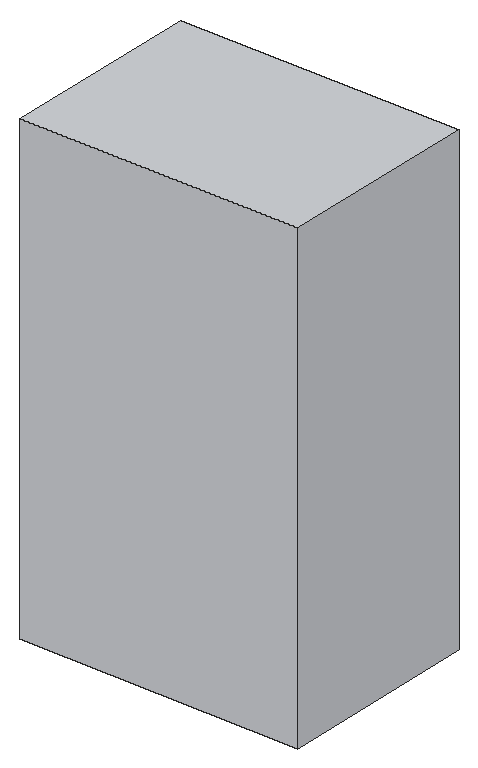
Revit family
Parameters
  Warranty Duration (Years) = 0
  Unit Width [instance] = 0' - 0"
  Unit Height [instance] = 0' - 0"
  Unit Depth = 0' - 0"
  URL = "http://www.americanspecialties.com/viewCategories.cfm"
  Test Data = ""
  Specification = "http://www.arcat.com/sdspecs/htm/10810asi.htm"
  SpecWizard = ""
  Send Message = "http://www.arcat.com/users.pl?action=UserEmail&company=American%20Specialties,%20Inc.&coid=30448&rep=139&fax=914-476-0688&mf="
  Sales Information = "http://www.americanspecialties.com/contact"
  Revision = "R1_10-2010"
  Product Properties = "http://www.americanspecialties.com/datasheets/045210A-6.pdf"
  Product Data = "http://www.arcat.com/arcatcos/cos30/arc30448.html"
  Trim Material = Metal - Stainless Steel
  Model = "As Specified in 10 28 13"
  Manufacturer Website = "http://www.americanspecialties.com/viewCategories.cfm"
  Manufacturer Phone - Toll Free = ""
  Manufacturer Phone = "914-476-9000 "
  Manufacturer Fax = "914-476-0688"
  Manufacturer Address = "441 Saw Mill River Rd., Yonkers, NY 10701"
  Manufacturer = "American Specialties, Inc."
  Maintenance Schedule (Months) = 0
  Keynote = "10 28 13"
  Installation-Fabrication = "http://www.americanspecialties.com/products.cfm"
  Green Building-LEED = ""
  Expected Lifespan (Years) = 0
  Drawn By = "Robert S. Weygant. CSI, CDT, SCIP"  # constant formula
  Description = "Toilet Accessory as Specified in 10 28 13"
  Default Elevation = 4' - 0"
  Copyright = "©Arcat Inc."
  Construction Details = "http://www.arcat.com/green/clients/leed_data_30448.html"
  Building Codes = "http://www.americanspecialties.com/products.cfm"
  Body Material = Metal - Stainless Steel
  Assembly Code = "C1030210"
Reference planes (in)
  plane 1 "Center (Front/Back)": y = -0.29112
  plane 2 "Floor Line": z = 0
  plane 3 "Center (Left/Right)": x = -0.65843
  plane 4: y = 13.70888
  plane 5: y = -14.29112
  plane 6: x = -9.28343
  plane 7: x = 7.96657
  plane 8: z = 6.25
  plane 9: z = 0
  plane 10: y = -0.29112
  plane 11: z = 6
  plane 12: z = -4
Forms (in)
  Extrusion 1, solid
    sketch origin (-3.62887, -9, -6) x (0, 0, -1) y (1, 0, 0)
      loop
        line (-82, 26) -> (-82, -19.34712) -> (-6, -19.34712) -> (-6, 26) -> (-82, 26)
    from 8.29112 to -24.38084
  Extrusion 2, solid, material "Metal - Stainless Steel" <- "Body Material"
    sketch origin (0, 0, 6) x (1, 0, 0) y (0, 1, 0)
      loop
        line (-9.28343, 13.70888) -> (-9.28343, -14.29112) -> (7.96657, -14.29112) -> (7.96657, 13.70888) -> (-9.28343, 13.70888)
      loop
        line (-8.28343, -13.29112) -> (6.96657, -13.29112) -> (6.96657, 12.70888) -> (-8.28343, 12.70888) -> (-8.28343, -13.29112)
    from 0 to 0.25
  Extrusion 3, solid, material "Metal - Stainless Steel" <- "Body Material"
    sketch origin (0, 0, -10.25) x (1, 0, 0) y (0, 1, 0)
      loop
        line (-9.28343, -14.29112) -> (7.96657, -14.29112) -> (7.96657, 13.70888) -> (-9.28343, 13.70888) -> (-9.28343, -14.29112)
      loop
        line (-9.22093, -14.22862) -> (7.90407, -14.22862) -> (7.90407, 13.64638) -> (-9.22093, 13.64638) -> (-9.22093, -14.22862)
    from 10.25 to 16.25
  Extrusion 4, void
    sketch origin (0, 0.75, 0) x (1, 0, 0) y (0, 1, 0)
      loop
        arc (-4.90843, -2.86426) -> (-5.08521, -2.93748) -> (-5.15843, -3.11426) r 0.25
        line (-5.15843, -3.11426) -> (-5.15843, -4.61426)
        arc (-5.15843, -4.61426) -> (-5.08521, -4.79104) -> (-4.90843, -4.86426) r 0.25
        line (-4.90843, -4.86426) -> (3.59157, -4.86426)
        arc (3.59157, -4.86426) -> (3.76834, -4.79104) -> (3.84157, -4.61426) r 0.25
        line (3.84157, -4.61426) -> (3.84157, -3.11426)
        arc (3.84157, -3.11426) -> (3.76834, -2.93748) -> (3.59157, -2.86426) r 0.25
        line (3.59157, -2.86426) -> (-4.90843, -2.86426)
    from 1.75195 to 5.06414
  Extrusion 5, solid, material "Metal - Stainless Steel" <- "Trim Material"
    sketch origin (0, 0, 5.90353) x (1, 0, 0) y (0, 1, 0)
      loop
        circle (-7.22093, 6.20888) r 0.5
      loop
        line (-7.29666, 6.57741) -> (-7.29666, 5.88237) -> (-7.13348, 5.88237) -> (-7.13348, 6.57741) -> (-7.29666, 6.57741)
    from 0.25 to 0.40332
  Extrusion 6, solid, material "Metal - Stainless Steel" <- "Body Material"
    sketch origin (-0.65843, 0, 6.3975) x (0, 1, 0) y (0, 0, 1)
      loop
        line (-0.29112, -1.24866) -> (-2.42991, -1.78192)
        arc (-2.42991, -1.78192) -> (-4.34122, -3.02314) -> (-5.08319, -5.17795) r 3.5
        line (-5.08319, -5.17795) -> (-5.08319, -10.3975) -> (-4.33319, -10.3975) -> (-4.33319, -5.37327)
        arc (-4.33319, -5.37327) -> (-3.69722, -3.52629) -> (-2.05895, -2.46239) r 3
        line (-2.05895, -2.46239) -> (-0.29112, -2.02162) -> (-0.29112, -1.24866)
      loop
        line (9.98869, -10.3975) -> (9.84169, -8.71725)
        arc (9.84169, -8.71725) -> (9.52641, -8.06799) -> (8.97593, -7.60118) r 1.75
        arc (8.97593, -7.60118) -> (4.2663, -6.30118) -> (-0.53765, -7.19153) r 10.88794
        line (-0.53765, -7.19153) -> (-1.54112, -8.195) -> (-1.54112, -10.3975) -> (9.98869, -10.3975)
    from -6.58612 to 6.66597
  Extrusion 7, void
    sketch origin (0, 0.75, 0) x (0, -1, 0) y (1, 0, 0)
      loop
        arc (2.86426, -4.90843) -> (2.93748, -5.08521) -> (3.11426, -5.15843) r 0.25
        line (3.11426, -5.15843) -> (4.61426, -5.15843)
        arc (4.61426, -5.15843) -> (4.79104, -5.08521) -> (4.86426, -4.90843) r 0.25
        line (4.86426, -4.90843) -> (4.86426, 3.59157)
        arc (4.86426, 3.59157) -> (4.79104, 3.76834) -> (4.61426, 3.84157) r 0.25
        line (4.61426, 3.84157) -> (3.11426, 3.84157)
        arc (3.11426, 3.84157) -> (2.93748, 3.76834) -> (2.86426, 3.59157) r 0.25
        line (2.86426, 3.59157) -> (2.86426, -4.90843)
    from -4 to 0
  Extrusion 8, void
    sketch origin (-43.63679, -33.32909, 0) x (1, 0, 0) y (0, 1, 0)
      loop
        line (35.10336, 46.29197) -> (35.10336, 19.79197) -> (50.85336, 19.79197) -> (50.85336, 46.29197) -> (35.10336, 46.29197)
    from -4 to 0
  Extrusion 9, void
    sketch origin (0, 0, 0) x (1, 0, 0) y (0, 1, 0)
      loop
        line (-7.24455, -1.03938) -> (-6.99455, -1.03938) -> (-6.51697, -4.43757)
        arc (-6.51697, -4.43757) -> (-6.26631, -4.89922) -> (-5.77427, -5.08319) r 0.75
        line (-5.77427, -5.08319) -> (4.4574, -5.08319)
        arc (4.4574, -5.08319) -> (4.94944, -4.89922) -> (5.2001, -4.43757) r 0.75
        line (5.2001, -4.43757) -> (5.67768, -1.03938) -> (5.92768, -1.03938) -> (5.92768, 0.21062)
        arc (5.92768, 0.21062) -> (5.77927, 4.46062) -> (5.33475, 8.68991) r 60.92624
        line (5.33475, 8.68991) -> (5.08475, 8.68991) -> (4.91245, 9.7778)
        arc (4.91245, 9.7778) -> (4.82789, 9.92879) -> (4.66553, 9.98869) r 0.25
        line (4.66553, 9.98869) -> (-5.98239, 9.98869)
        arc (-5.98239, 9.98869) -> (-6.14476, 9.92879) -> (-6.22932, 9.7778) r 0.25
        line (-6.22932, 9.7778) -> (-6.40162, 8.68991) -> (-6.65162, 8.68991)
        arc (-6.65162, 8.68991) -> (-7.09614, 4.46062) -> (-7.24455, 0.21062) r 60.92624
        line (-7.24455, 0.21062) -> (-7.24455, -1.03938)
      loop
        line (-8.00632, 10.38832) -> (-8.00632, -5.36168) -> (6.49368, -5.36168) -> (6.49368, 10.38832) -> (-8.00632, 10.38832)
    from -4 to 5.42713
  Extrusion 10, solid, material "Metal - Stainless Steel" <- "Body Material"
    sketch origin (0, 0, 0) x (1, 0, 0) y (0, 1, 0)
      loop
        line (-8.28343, 12.70888) -> (-8.28343, -0.29112) -> (7.00359, -0.29112) -> (7.00359, 12.70888) -> (-8.28343, 12.70888)
    from 6 to 6.15353
Cuts and joins
  Extrusion 4, Extrusion 7, Extrusion 9 cuts Extrusion 2
  Extrusion 4, Extrusion 7, Extrusion 9 cuts Extrusion 6
  Extrusion 4, Extrusion 7, Extrusion 9 cuts Extrusion 3
  Extrusion 9 cuts Extrusion 5
Dimensions and locks (in)
  aligned and locked: plane 6 to Extrusion 2 sketch curve
  aligned and locked: plane 4 to Extrusion 2 sketch curve
  aligned and locked: plane 5 to Extrusion 2 sketch curve
  aligned and locked: Extrusion 2 sketch curve to plane 7
  aligned and locked: plane 8 to Extrusion 2
  aligned and locked: plane 11 to cut or joined group of Extrusion 3, Extrusion 4, Extrusion 7, Extrusion 9
  aligned and locked: cut or joined group of Extrusion 2, Extrusion 4, Extrusion 7, Extrusion 9 to plane 11
  aligned and locked: cut or joined group of Extrusion 3, Extrusion 4, Extrusion 7, Extrusion 9 to level
